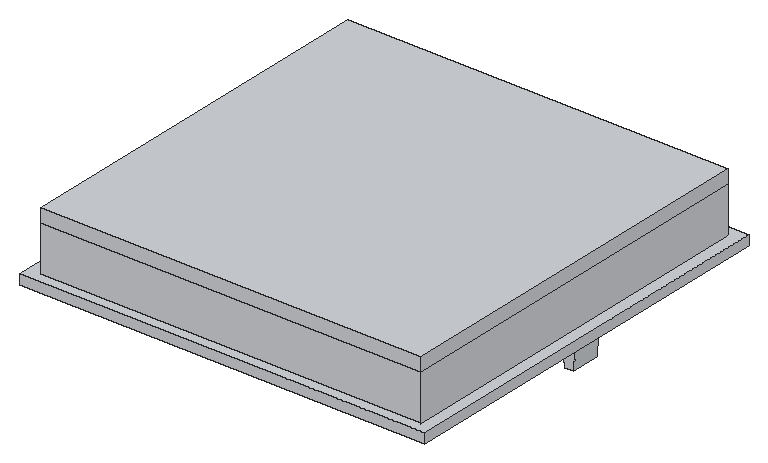
Revit family "Gira_067666", category Electrical Fixtures, host Face, Revit 2017
Family settings
  Host = Face
  Maintain Annotation Orientation = No
  Round Connector Dimension = Use Diameter
  Part Type = Normal
  Cut with Voids When Loaded = No
  Shared = No
  Room Calculation Point = No
Parameters (values of type "Rocker in.sp. Gira TX_44 (WP FM) p.white")
  With exchangeable lens/symbol = "No"
  URL = "http://katalog.gira.de/en/datenblatt.html?artikelnr=067666"
  Suitable for touch sensor connector for bus system = "No"
  Scannable symbol / barrier free = "No"
  Name = "Rocker in.sp. Gira TX_44 (WP FM) p.white"
  Monitoring window/light outlet = "No"
  Model = "Single rocker"
  Manufacturer URL = "https://www.gira.de/"
  Manufacturer = "Gira"
  Keynote = ""
  HeinzeBIM = "https://bimportal.heinze.de/bim/rocker-in-sp-gira-tx-44-wp-fm-p-white/edcf36e1438843954bc9d4a5fdd91e1613d52f1f"
  HAN = "067666"
  GTIN = "4010337676669"
  Description = "Rock.in.sp. TX_44 PW,Rocker with inscription space,,pure white,Notes :,- Theft-prevention implemented via optional screw-in clamp piece. This makes plugging of cover frame unnecessary."
  Default Elevation = 1219.2 mm
  Data sheet (1) = "https://katalog.gira.de/en/download.html?artikelnr=067666"
  Category = "Control element/cover plate for domestic switching devices"
  BIM (1) = "https://media.stage.bim.site/public/gira/36a6b08/TX44_Abdeckung_Schalten und Tasten.rfa?public/gira/36a6b08/TX44_Abdeckung_Schalten und Tasten.rfa"
  Available = "No"
Reference planes
  plane 1 "Center (Front/Back)": y = 0
  plane 2: z = 0
  plane 3 "Center (Left/Right)": x = 0
Forms (mm)
  Extrusion 1, solid, detail levels fine
    sketch origin (0, 0, 0) x (1, 0, 0) y (0, 1, 0)
      loop
        line (34.85, 34.85) -> (-34.85, 34.85) -> (-34.85, -34.85) -> (34.85, -34.85) -> (34.85, 34.85)
      loop
        line (-31.45, 31.8) -> (-31.45, -31.8) -> (31.45, -31.8) -> (31.45, 31.8) -> (-31.45, 31.8)
    from 0 to 1.7
  Extrusion 2, solid, detail levels fine
    sketch origin (0, 0, 0) x (1, 0, 0) y (0, 1, 0)
      loop
        line (32.8, 33.05) -> (-32.8, 33.05) -> (-32.8, -33.05) -> (32.8, -33.05) -> (32.8, 33.05)
      loop
        line (-31.45, 31.8) -> (-31.45, -31.8) -> (31.45, -31.8) -> (31.45, 31.8) -> (-31.45, 31.8)
    from 1.566 to 9.515
  Extrusion 3, solid, detail levels fine
    sketch origin (0, 0, 0) x (1, 0, 0) y (0, 1, 0)
      loop
        line (32.8, 33.05) -> (-32.8, 33.05) -> (-32.8, -33.05) -> (32.8, -33.05) -> (32.8, 33.05)
    from 9.515 to 11.816
  Extrusion 4, solid, detail levels fine
    sketch origin (0, 0, 0) x (1, 0, 0) y (0, 0, 1)
      loop
        line (-32.815, 0) -> (-34.827, 0) -> (-34.611, -3.084) -> (-33.031, -3.084) -> (-32.815, 0)
      loop
        line (32.815, 0) -> (33.031, -3.084) -> (34.611, -3.084) -> (34.827, 0) -> (32.815, 0)
    from -2.513 to 2.5
  Extrusion 5, solid, detail levels fine
    sketch origin (0, 0, 0) x (1, 0, 0) y (0, 1, 0)
      loop
        spline (-23.686, 23.152) -> (-23.856, 23.114) -> (-24.022, 23.062) -> (-24.184, 22.995) -> (-24.338, 22.915) -> (-24.486, 22.821) -> (-24.624, 22.715) -> (-24.753, 22.597) -> (-24.87, 22.468) -> (-24.977, 22.33) -> (-25.07, 22.183) -> (-25.151, 22.028) -> (-25.218, 21.867)
        line (-25.218, 21.867) -> (-29.35, 10.513) -> (-29.35, -10.487) -> (-25.218, -21.841)
        spline (-25.218, -21.841) -> (-25.151, -22.002) -> (-25.07, -22.156) -> (-24.977, -22.304) -> (-24.87, -22.442) -> (-24.753, -22.571) -> (-24.624, -22.688) -> (-24.486, -22.795) -> (-24.338, -22.888) -> (-24.184, -22.969) -> (-24.022, -23.036) -> (-23.856, -23.088) -> (-23.686, -23.126)
        line (-23.686, -23.126) -> (0, -27.302) -> (23.686, -23.126)
        spline (23.686, -23.126) -> (23.856, -23.088) -> (24.022, -23.036) -> (24.184, -22.969) -> (24.338, -22.888) -> (24.486, -22.795) -> (24.624, -22.688) -> (24.753, -22.571) -> (24.87, -22.442) -> (24.977, -22.304) -> (25.07, -22.156) -> (25.151, -22.002) -> (25.218, -21.841)
        line (25.218, -21.841) -> (29.35, -10.487) -> (29.35, 10.513) -> (25.218, 21.867)
        spline (25.218, 21.867) -> (25.151, 22.028) -> (25.07, 22.183) -> (24.977, 22.33) -> (24.87, 22.468) -> (24.753, 22.597) -> (24.624, 22.715) -> (24.486, 22.821) -> (24.338, 22.915) -> (24.184, 22.995) -> (24.022, 23.062) -> (23.856, 23.114) -> (23.686, 23.152)
        line (23.686, 23.152) -> (0, 27.328) -> (-23.686, 23.152)
      loop
        line (-24.278, 21.525) -> (-28.35, 10.337) -> (-28.35, -10.311) -> (-24.278, -21.498)
        spline (-24.278, -21.498) -> (-24.245, -21.579) -> (-24.204, -21.656) -> (-24.157, -21.73) -> (-24.104, -21.799) -> (-24.045, -21.863) -> (-23.981, -21.922) -> (-23.912, -21.976) -> (-23.838, -22.022) -> (-23.761, -22.063) -> (-23.68, -22.096) -> (-23.597, -22.122) -> (-23.512, -22.141)
        line (-23.512, -22.141) -> (0, -26.287) -> (23.512, -22.141)
        spline (23.512, -22.141) -> (23.597, -22.122) -> (23.68, -22.096) -> (23.761, -22.063) -> (23.838, -22.022) -> (23.912, -21.976) -> (23.981, -21.922) -> (24.045, -21.863) -> (24.104, -21.799) -> (24.157, -21.73) -> (24.204, -21.656) -> (24.245, -21.579) -> (24.278, -21.498)
        line (24.278, -21.498) -> (28.35, -10.311) -> (28.35, 10.337) -> (24.278, 21.525)
        spline (24.278, 21.525) -> (24.245, 21.605) -> (24.204, 21.683) -> (24.157, 21.756) -> (24.104, 21.825) -> (24.045, 21.89) -> (23.981, 21.949) -> (23.912, 22.002) -> (23.838, 22.048) -> (23.761, 22.089) -> (23.68, 22.122) -> (23.597, 22.148) -> (23.512, 22.167)
        line (23.512, 22.167) -> (0, 26.313) -> (-23.512, 22.167)
        spline (-23.512, 22.167) -> (-23.597, 22.148) -> (-23.68, 22.122) -> (-23.761, 22.089) -> (-23.838, 22.048) -> (-23.912, 22.002) -> (-23.981, 21.949) -> (-24.045, 21.89) -> (-24.104, 21.825) -> (-24.157, 21.756) -> (-24.204, 21.683) -> (-24.245, 21.605) -> (-24.278, 21.525)
    from 4.866 to 9.515
  Extrusion 6, solid, detail levels fine
    sketch origin (0, 0, 0) x (1, 0, 0) y (0, 1, 0)
      loop
        arc (0, 8.51) -> (-1.055, 8.223) -> (-1.717, 7.352) r 1.7
        line (-1.717, 7.352) -> (-2.205, 5.894) -> (-2.205, 4.213) -> (-4.36, 4.213)
        arc (-4.36, 4.213) -> (-4.865, 4.091) -> (-5.257, 3.75) r 1.1
        arc (-5.257, 3.75) -> (-6.02, 2.328) -> (-6.406, 0.761) r 6.45
        arc (-6.406, 0.761) -> (-6.7, 0.013) -> (-6.406, -0.735) r 1.1
        arc (-6.406, -0.735) -> (-6.02, -2.302) -> (-5.257, -3.724) r 6.45
        arc (-5.257, -3.724) -> (-4.865, -4.064) -> (-4.36, -4.187) r 1.1
        line (-4.36, -4.187) -> (-2.1, -4.187) -> (-2.1, -5.243)
        arc (-2.1, -5.243) -> (-1.847, -5.944) -> (-1.206, -6.323) r 1.1
        arc (-1.206, -6.323) -> (0, -6.437) -> (1.206, -6.323) r 6.45
        arc (1.206, -6.323) -> (1.847, -5.944) -> (2.1, -5.243) r 1.1
        line (2.1, -5.243) -> (2.1, -4.187) -> (4.36, -4.187)
        arc (4.36, -4.187) -> (4.865, -4.064) -> (5.257, -3.724) r 1.1
        arc (5.257, -3.724) -> (6.02, -2.302) -> (6.406, -0.735) r 6.45
        arc (6.406, -0.735) -> (6.7, 0.013) -> (6.406, 0.761) r 1.1
        arc (6.406, 0.761) -> (6.02, 2.328) -> (5.257, 3.75) r 6.45
        arc (5.257, 3.75) -> (4.865, 4.091) -> (4.36, 4.213) r 1.1
        line (4.36, 4.213) -> (2.205, 4.213) -> (2.205, 5.894) -> (1.717, 7.352)
        arc (1.717, 7.352) -> (1.055, 8.223) -> (0, 8.51) r 1.7
    from -6.834 to 9.515
  Extrusion 7, solid, detail levels coarse
    sketch origin (0, 0, 0) x (1, 0, 0) y (0, 1, 0)
      loop
        line (34.85, 34.85) -> (-34.85, 34.85) -> (-34.85, -34.85) -> (34.85, -34.85) -> (34.85, 34.85)
    from -6.834 to 11.816
  Extrusion 8, solid, detail levels medium
    sketch origin (0, 0, 0) x (1, 0, 0) y (0, 1, 0)
      loop
        line (32.8, 33.05) -> (-32.8, 33.05) -> (-32.8, -33.05) -> (32.8, -33.05) -> (32.8, 33.05)
    from 1.566 to 11.816
  Extrusion 9, solid, detail levels medium
    sketch origin (0, 0, 0) x (1, 0, 0) y (0, 1, 0)
      loop
        line (34.85, 34.85) -> (-34.85, 34.85) -> (-34.85, -34.85) -> (34.85, -34.85) -> (34.85, 34.85)
    from 0 to 1.7
  Extrusion 10, solid, detail levels medium
    sketch origin (0, 0, 0) x (1, 0, 0) y (0, 1, 0)
      loop
        circle (0, 1.036) r 7.473
    from -6.834 to 9.515
  Extrusion 11, solid, detail levels medium
    sketch origin (0, 0, 0) x (1, 0, 0) y (0, 0, 1)
      loop
        line (-32.815, -3.084) -> (-32.815, 0) -> (-34.827, 0) -> (-34.827, -3.084) -> (-32.815, -3.084)
      loop
        line (32.815, -3.084) -> (34.827, -3.084) -> (34.827, 0) -> (32.815, 0) -> (32.815, -3.084)
    from -2.513 to 2.5
Dimensions and locks
  aligned and locked: plane 2 to host face
  aligned and locked: level to host face
